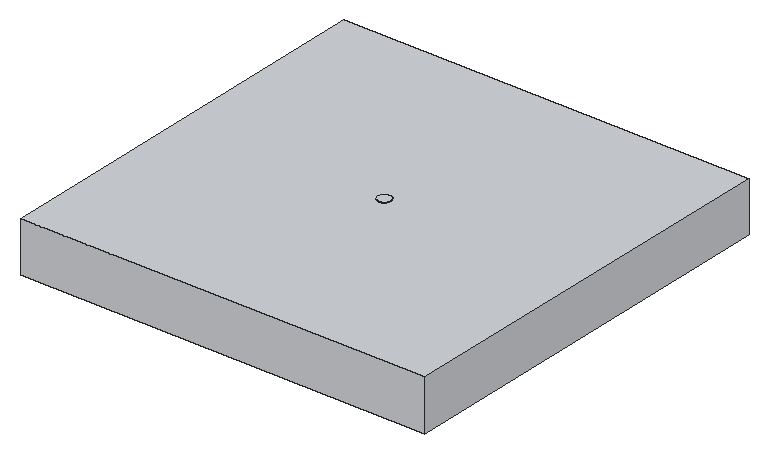
Revit family "M_Tomada de dados - Piso", category Dispositivos de dados, Revit 2019
Family settings
  Hospedeiro = Face
  Manter orientação da anotação = Sim
  Cota do conector redondo = Utilizar diâmetro
  Tipo de parte = Normal
  Número OmniClass = 23.85.50.17.11
  Título OmniClass = Computer Network Equipment
  ID de item do Seek = Data Outlet - Floor-0000-CAN-ENU
  Corte com vazios quando carregada = Não
  Compartilhado = Não
  Ponto de cálculo do ambiente = Não
Parameters (values of type "Padrão")
  Largura = 102 mm
  Raio 1 = 38 mm
  Altura = 76 mm
  Elevação-padrão = 1200 mm
Reference planes
  plane 1 "Centro (Frente/Trás)": y = 0
  plane 2: z = 0
  plane 3 "Centro (Esquerda/Direita)": x = 0
  plane 4: y = 51
  plane 5: x = 51
  plane 6: x = -51
  plane 7: y = -51
  plane 8: y = -38.1
  plane 9: z = -22.225
  plane 10: z = -76
Forms (mm)
  Extrusion 1, solid
    sketch origin (0, 0, 0) x (1, 0, 0) y (0, 1, 0)
      loop
        line (-1219.2, 1219.2) -> (-1219.2, -1219.2) -> (1219.2, -1219.2) -> (1219.2, 1219.2) -> (-1219.2, 1219.2)
    from 0 to -304.8
  Extrusion 2, solid
    sketch origin (0, 0, 0) x (1, 0, 0) y (0, 1, 0)
      loop
        circle (0, 0) r 38
    from 0 to -22.225
  Extrusion 3, solid
    sketch origin (0, 0, 0) x (1, 0, 0) y (0, 1, 0)
      loop
        line (-51, 51) -> (-51, -51) -> (51, -51) -> (51, 51) -> (-51, 51)
    from -22.225 to -76
Lines and regions (mm)
  symbolic lines, detail levels fine
    curve 1: line (51, 51, 0) -> (-51, 51, 0)
    curve 2: line (51, -51, 0) -> (51, 51, 0)
    curve 3: line (-51, 51, 0) -> (-51, -51, 0)
    curve 4: line (-51, -51, 0) -> (51, -51, 0)
    curve 5: arc (38, 0, 0) -> (0, 38, 0) -> (-38, 0, 0) r 38
    curve 6: arc (-38, 0, 0) -> (0, -38, 0) -> (38, 0, 0) r 38
Dimensions and locks
  equal spacing: plane 4, plane 1 "Centro (Frente/Trás)", plane 7
  "Largura": plane 4 to plane 7
  equal spacing: plane 6, plane 3 "Centro (Esquerda/Direita)", plane 5
  "Largura": plane 6 to plane 5
  locked: Extrusion 1 to plane 9 at 22.225
  "Altura": Extrusion 1 to plane 10
  "Raio 1": radius of Extrusion 2 sketch curve
  aligned and locked: plane 2 to Extrusion 1
  aligned and locked: level to Extrusion 1
  aligned and locked: plane 6 to Extrusion 3 sketch curve
  aligned and locked: Extrusion 3 sketch curve to plane 4
  aligned and locked: plane 7 to Extrusion 3 sketch curve
  aligned and locked: Extrusion 3 sketch curve to plane 5
  aligned and locked: Extrusion 3 to plane 10
  aligned and locked: plane 9 to Extrusion 2
  aligned and locked: curve 1 to Extrusion 3
  aligned and locked: curve 2 to Extrusion 3
  aligned and locked: curve 5 to Extrusion 2
  aligned and locked: plane 1 "Centro (Frente/Trás)" to nested 1
  aligned and locked: plane 3 "Centro (Esquerda/Direita)" to nested 1
Automatic sketch dimensions
  Extrusion 2 sketch curve to plane 1 "Centro (Frente/Trás)" = 0 mm
  Extrusion 2 sketch curve to plane 3 "Centro (Esquerda/Direita)" = 0 mm
  curve 1 to plane 6 = 0 mm
  curve 4 to plane 7 = 0 mm
  curve 2 to plane 4 = 0 mm
  Extrusion 1 sketch curve to Extrusion 1 sketch curve = 2438.4 mm  (x2)
Nested families
  nested 1: "M_Tomada de dados - Anotação de piso" at (0, 0, 0), type "Tomada de dados - Anotação de piso", detail levels coarse+medium
Connectors
  electrical at (51, 0, -49.113)
    settings: on Extrusion 3, index 1, voltage 0 V, apparent load 0 VA, apparent load phase1 0 VA, apparent load phase2 0 VA, apparent load phase3 0 VA, power factor 1, load classification "Outros", number of poles 1, system type 5, power factor state 1, is connector primary yes, connector utility no, sub classification motor no, connector description ""
Definition of nested family "M_Tomada de dados - Anotação de piso"
  Parameters
    Anotação de legenda = "C"
  Reference planes
    plane 1: y = 0
    plane 2: x = 0
  Lines and regions (mm)
    reference lines
      curve 1: line (-6.856, 0, 0) -> (8.926, 0, 0)
      curve 3: line (-10.73, 3.175, 0) -> (5.528, 3.175, 0)
      curve 4: line (-3.175, 5.785, 0) -> (-3.175, -9.68, 0)
      curve 5: line (3.175, 7.482, 0) -> (3.175, -9.68, 0)
      curve 6: line (-13.828, -3.175, 0) -> (10.767, -3.175, 0)
    detail lines
      curve 2: circle (0, 0, 0) r 1.588 normal (0, 0, 1)
      curve 7: line (-3.175, 3.175, 0) -> (3.175, 3.175, 0)
      curve 8: line (-3.175, -3.175, 0) -> (-3.175, 3.175, 0)
      curve 9: line (3.175, -3.175, 0) -> (-3.175, -3.175, 0)
      curve 10: line (3.175, 3.175, 0) -> (3.175, -3.175, 0)
  Text (mm)
    label "C" at (-1.167, -0.082, 0), shows "Anotação de legenda"
  Dimensions and locks
    locked: plane 1 to curve 1 at 0
    locked: curve 1 to curve 3 at 3.175
    locked: curve 6 to curve 1 at 3.175
    locked: curve 4 to plane 2 at 3.175
    locked: plane 2 to curve 5 at 3.175
    radius of curve 2 = 1.588 mm
    aligned and locked: plane 2 to curve 2
    aligned and locked: curve 1 to curve 2
    aligned and locked: curve 3 to curve 7
    aligned and locked: curve 8 to curve 4
    aligned and locked: curve 9 to curve 6
    aligned and locked: curve 5 to curve 10
